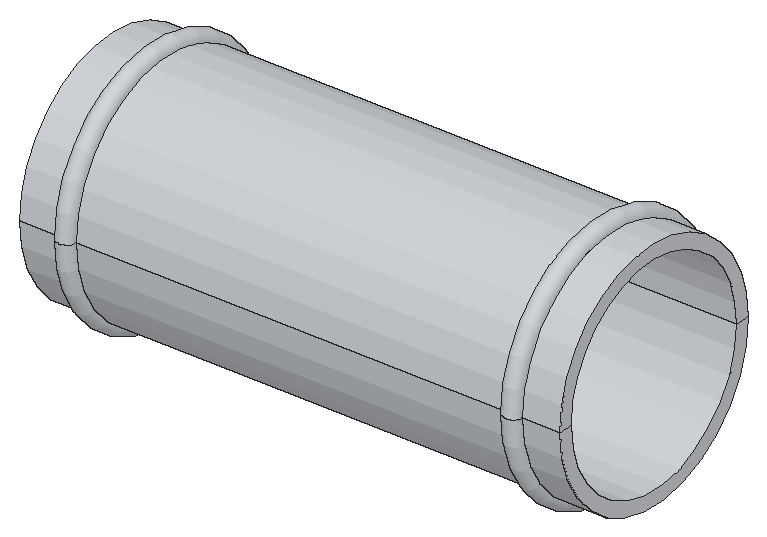
Revit family "PipeFitting_RepairCoupling_PressWater-B_Conex_15-50mm", category Pipe Fittings, Revit 2019
Family settings
  Round Connector Dimension = Use Radius
  Part Type = Union
  OmniClass Number = 23.60.30.11.14
  OmniClass Title = Pipework Fittings
  Work Plane-Based = No
  Always vertical = Yes
  Cut with Voids When Loaded = No
  Shared = No
Parameters (values of type "Standard_Repair Coupling")
  Uniformat IIElements = "TBC"
  URL = "http://www.conexbanninger.com.au/"
  Type Comments = "Conex Bänninger specialises in providing the best plumbing fittings and accessories across the globe by offering innovative and versatile jointing solutions. Since 1909 Conex Bänninger has produced over 10 billion copper fittings and has built its reputation for quality manufacturing, back by first-class customer service and unrivalled expertise. Passionate about excellence, Conex Bänninger is a byword for quality in the domestic, commercial, industrial, air conditioning and refrigeration markets worldwide.\r\nConex Bänninger is an ISO 9000 quality assured company, which assures you the very best in quality.\r\nConex Bänninger >B< Press is a versatile press fitting system for use with hard, half hard or soft copper tube providing a secure, life long, leak-proof joint.\r\nApproved Tools - The following tools are approved tools for installation of >B< Press fittings:\r\n•\tRomax compact (Rothenberger)\r\n•\tRomax 3000 (Rothenberger)\r\n•\tPicco (Viega)\r\n•\tPT3-AH & 4B (Viega)"
  SerialNumber [instance] = ""
  RingRadius [instance] = 0.09 * Radius  # 0.675 mm
  RingOffset [instance] = Radius * 0.45  # 3.375 mm
  ProductCode [instance] = if(Diameter = 15 mm, "404661", if(Diameter = 20 mm, "404662", if(Diameter = 25 mm, "404663", if(Diameter = 32 mm, "404664", if(Diameter = 40 mm, "404665", if(Diameter = 50 mm, "404666", "ProductCode NA"))))))  # "404661"
  OmniclassProducts = "TBC"
  NATSPECWorkSection = "TBC"
  ModifiedIssue_ANZRS = 20130927.63
  Model Version = "2013-03"
  Model Status [instance] = ""
  Model Specification = "BMA"
  Mark [instance] = ""
  Lookup Table Name = "Repair Coupling_PressWater-B_Conex_15-50mm"
  FinalHHWFlow [instance] = 0.0 L/s
  Diameter [instance] = 15 mm
  Radius [instance] = Diameter / 2  # 7.5 mm
  Model = "Standard_Repair Coupling"
  Material = none
  Manufacturer = "Conex | Bänninger"  # constant formula
  L [instance] = size_lookup(Lookup Table Name, "L", Diameter * 1.2, Diameter)  # 39 mm
  Description = ">B< Press fittings are quick to fit, providing a low cost installation solution. The slimline design gives aesthetically pleasing finish with a secure, permanent joint that can´t be tampered with. >B< Press fittings are Watermark\r\n approved and certified to AS3688."
  CreatedBy_ANZRS = "A2K Technologies"
  CreatedByURL_ANZRS = "http://www.bimmepaus.com.au/"
  Assembly Code = "D2090800"
Reference planes
  plane 1 "Center (Front/Back)": y = 0
  plane 2: z = 0
  plane 3 "Center (Left/Right)": x = 0
  plane 4 "RHS": x = 19.5
  plane 5 "LHS": x = -19.5
Forms (mm)
  Revolve 1, solid, material <- "Material", detail levels fine
    sketch origin (0, 0, 0) x (1, 0, 0) y (0, 1, 0)
      loop
        line (19.5, 7.5) -> (19.5, 8.5) -> (16.8, 8.5)
        arc (16.8, 8.5) -> (16.125, 9.175) -> (15.45, 8.5) r 0.675
        line (15.45, 8.5) -> (-15.45, 8.5)
        arc (-15.45, 8.5) -> (-16.125, 9.175) -> (-16.8, 8.5) r 0.675
        line (-16.8, 8.5) -> (-19.5, 8.5) -> (-19.5, 7.5) -> (19.5, 7.5)
      axis (-19.5, 0) -> (19.5, 0)
    angle from 0 to 360
Lines and regions (mm)
  reference lines
    curve 1: line (-2, 0, 0) -> (2, 0, 0)
Dimensions and locks
  "L": plane 5 "LHS" to plane 4 "RHS"
  equal spacing: plane 5 "LHS", plane 3 "Center (Left/Right)", plane 4 "RHS"
  locked: Revolve 1 sketch curve to Revolve 1 sketch curve at 1  (x3)
  "Radius": Revolve 1 sketch curve to plane 1 "Center (Front/Back)"
  "RingOffset": plane 5 "LHS" to Revolve 1 sketch curve
  "RingOffset": Revolve 1 sketch curve to plane 4 "RHS"
  equal spacing: curve 1, nested 1, curve 1
  locked: curve 1 to curve 1 at 4
  "RingRadius": radius of Revolve 1 sketch curve  (x2)
  aligned and locked: plane 2 to level
  aligned and locked: plane 3 "Center (Left/Right)" to nested 1
  aligned and locked: plane 1 "Center (Front/Back)" to nested 1
  aligned and locked: Revolve 1 sketch curve to plane 5 "LHS"
  aligned and locked: Revolve 1 sketch curve to plane 4 "RHS"
  aligned and locked: plane 1 "Center (Front/Back)" to curve 1
Automatic sketch dimensions
  plane 3 "Center (Left/Right)" to curve 1 = 2 mm
  plane 1 "Center (Front/Back)" to Revolve 1 sketch curve = 0 mm
  Revolve 1 sketch curve to plane 4 "RHS" = 21.858 mm
  Revolve 1 sketch curve to Revolve 1 sketch curve = 15 mm
Nested families
  nested 1: "Coupling_S" at (0, 0, 0), type "Coupling_S", detail levels coarse+medium
Connectors
  piping at (2, 0, 0), diameter 15, driven by "Radius"
    settings: on curve 1, index 1, connector inside diameter 609.6 mm, connector length 0 mm, flow factor 0, pipe flow 0.0 L/s, pressure drop 0.0 Pa, fitting loss kfactor 0, connector angle 0.00°, fixture units 0, engagement length 0 mm, angle of deflection 0.00°, flow configuration 0, flow direction 0, fitting loss method 0, system type 7, joint type 0, gender type 0, connector reference index -1, connector utility 0, adjustable connector no, is connector primary yes, connector description ""
  piping at (-2, 0, 0), diameter 15, driven by "Radius"
    settings: on curve 1, index 2, connector inside diameter 609.6 mm, connector length 0 mm, flow factor 0, pipe flow 0.0 L/s, pressure drop 0.0 Pa, fitting loss kfactor 0, connector angle 0.00°, fixture units 0, engagement length 0 mm, angle of deflection 0.00°, flow configuration 0, flow direction 0, fitting loss method 0, system type 7, joint type 0, gender type 0, connector reference index -1, connector utility 0, adjustable connector no, is connector primary no, connector description ""
Definition of nested family "Coupling_S"
  Parameters
    D = 50 mm
    L = 50 mm
  Reference planes
    plane 1 "Center (Front/Back)": y = 0
    plane 2: z = 0
    plane 3 "Center (Left/Right)": x = 0
  Lines and regions (mm)
    model lines
      curve 1: line (-25, 0, 0) -> (25, 0, 0)
      curve 2: line (25, -25, 0) -> (25, 25, 0)
      curve 3: line (-25, -25, 0) -> (-25, 25, 0)
  Dimensions and locks
    "L": curve 3 to curve 2
    equal spacing: curve 3, plane 3 "Center (Left/Right)", curve 2
    equal spacing: curve 2, plane 1 "Center (Front/Back)", curve 2
    "D": curve 2 to curve 2
    "D": curve 3 to curve 3
    equal spacing: curve 3, plane 1 "Center (Front/Back)", curve 3
    aligned and locked: level to plane 2
    aligned and locked: plane 1 "Center (Front/Back)" to curve 1
